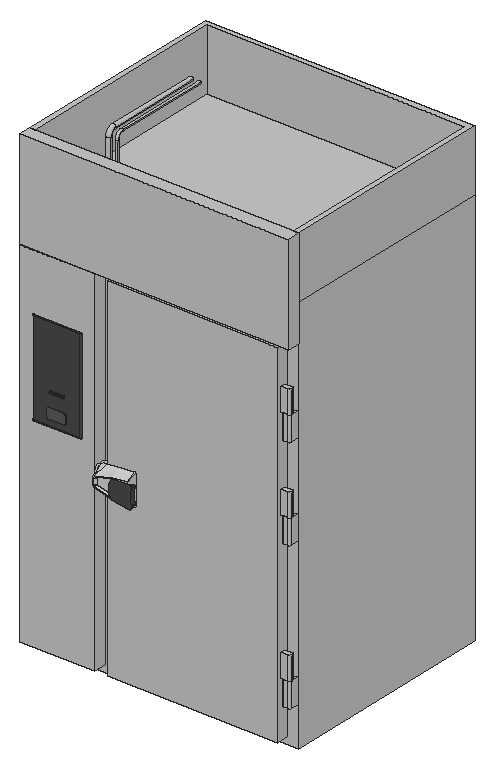
Revit family "QF_ALPENINOX_729263_ABFA22RE", category Specialty Equipment, Revit 2018
Family settings
  Round Connector Dimension = Use Radius
  Part Type = Normal
  Work Plane-Based = No
  Always vertical = Yes
  Cut with Voids When Loaded = No
  Shared = Yes
  Room Calculation Point = No
Parameters (values of type "QF_ALPENINOX_729263_ABFA22RE.rfa")
  Weight = 438.00 kg
  Watts = 209.032 W
  Volts = 380 V
  URL Manufacturer = "http://www.alpeninox.com"
  URL = "http://www.alpeninox.com"
  Steam Supply Size = 0"
  Steam Supply Minimum Pressure = 0.00 psi
  Steam Supply Maximum Pressure = 0.00 psi
  Steam Pounds per Hour = 0
  Show Logo [instance] = yes
  Refrigeration Suction Line Size = 0.03937"
  Refrigeration Liquid Line Size = 0.07218"
  Refrigerant Compressor Remote = yes
  Phase = 3
  Model = "ABFA22RE"
  Manufacturer = "Alpeninox"
  Length Actual = 1400 mm  # constant formula
  Item Number = "729263"
  Hot Water Size = 0"
  Height Actual = 2400 mm  # constant formula
  HP = "3 HP"
  Gas Size = 0"
  Gas KW = 0
  Gas Input Pressure = 0.0 Btu/h
  Description = "CRIO CHILL BLAST CHILLER FREEZER 200/170KG 20 GN 2/1 - REMOTE REFRIGERATING UNIT"
  Depth Actual = 1266 mm  # constant formula
  Cycle = 60 Hz
  Condensate Return Size = 0"
  Compressed Air Volume = 0 GPM
  Compressed Air Size = 0"
  Compressed Air Pressure = 0.00 psi
  Cold Water Size = 0"
  Assembly Code = ""
  Show Clearance [instance] = yes
  Accessory = yes
Values of the unnamed type that differ from the named types
  Watts = 0 W
  Volts = 0 V
  URL Manufacturer = ""
  Item Number = ""
  HP = ""
  Cycle = 0 Hz
Reference planes
  plane 1 "BACK": y = 1
  plane 2: z = 0
  plane 3 "LEFT": x = 0
  plane 4 "RIGHT": x = 1400
  plane 5 "FRONT": y = -1205
  plane 6 "TOP": z = 2400
  plane 7 "Center Y": x = 700
  plane 8: y = -2155
  plane 9: y = -602
Forms (mm)
  Extrusion 1, solid, material "QF_Clearance", visible <- "Show Clearance", detail levels coarse
    sketch origin (0, 0, -70) x (1, 0, 0) y (0, 1, 0)
      loop
        line (0, -1205) -> (0, 1) -> (1400, 1) -> (1400, -1205) -> (1500, -1205) -> (1500, 101) -> (-100, 101) -> (-100, -1205) -> (0, -1205)
    from 70 to 2670
  Extrusion 2, solid, material "QF_Finishes_Stainless Steel"
    sketch origin (349.253, 33, 630.991) x (-1, 0, 0) y (0, -1, 0)
      loop
        line (349.253, 1172.759) -> (349.253, 1238) -> (-39.747, 1238) -> (-39.747, 1172.759) -> (349.253, 1172.759)
    from -597 to 1254
  Extrusion 3, solid, material "QF_Finishes_Stainless Steel"
    sketch origin (596.16, 27.971, -70) x (1, 0, 0) y (0, 1, 0)
      loop
        line (743.84, -1172.971) -> (-141.16, -1172.971) -> (-141.16, -1232.971) -> (743.84, -1232.971) -> (743.84, -1172.971)
    from 103.991 to 1945.25
  Extrusion 4, solid, material "QF_Door-Drawer Clearances", visible <- "Show Clearance", detail levels coarse
    sketch origin (875, -72.029, -91.802) x (-1, 0, 0) y (0, -1, 0)
      loop
        line (-465, 2025.971) -> (-465, 1132.971) -> (420, 1132.971)
        arc (420, 1132.971) -> (153.836, 1754.227) -> (-465, 2025.971) r 920
    from 125.793 to 1967.052
  Extrusion 5, solid, material "QF_Finishes_Stainless Steel"
    sketch origin (0, -1139.759, 0) x (0, 1, 0) y (-1, 0, 0)
      loop
        line (1140.759, 0) -> (0.759, 0) -> (0.759, -1400) -> (1140.759, -1400) -> (1140.759, 0)
    from 0 to 2080
  Extrusion 6, solid, material "QF_Finishes_Stainless Steel"
    sketch origin (0, 0, -70) x (0, 1, 0) y (0, 0, 1)
      loop
        line (-1139, 2470) -> (-1205, 2470) -> (-1205, 1956) -> (-1139, 1956) -> (-1139, 2470)
    from 0 to 1400
  Extrusion 7, solid, material "QF_Finishes_Stainless Steel"
    sketch origin (0, -1139.759, 2080) x (0, 1, 0) y (-1, 0, 0)
      loop
        line (1140.759, 0) -> (0.759, 0) -> (0.759, -27.807) -> (1112.952, -27.807) -> (1112.952, -1372.193) -> (0.759, -1372.193) -> (0.759, -1400) -> (1140.759, -1400) -> (1140.759, 0)
    from 0 to 320
  Extrusion 8, solid, material "QF_Clearance", visible <- "Show Clearance", detail levels coarse
    sketch origin (0, 0, 2400) x (-1, 0, 0) y (0, -1, 0)
      loop
        line (0, 1205) -> (-1400, 1205) -> (-1400, -1) -> (0, -1) -> (0, 1205)
    from 0 to 200
  Extrusion 9, solid, material "QF_Finishes_Stainless Steel"
    sketch origin (-390.239, -0.977, 1172.559) x (1, 0, 0) y (0, 1, 0)
      loop
        line (1730.239, -1159.557) -> (1730.239, -1186.759) -> (1771.078, -1186.759)
        arc (1771.078, -1186.759) -> (1778.149, -1183.83) -> (1781.078, -1176.759) r 10
        line (1781.078, -1176.759) -> (1781.078, -1169.557)
        arc (1781.078, -1169.557) -> (1778.149, -1162.486) -> (1771.078, -1159.557) r 10
        line (1771.078, -1159.557) -> (1730.239, -1159.557)
    from 398 to 516
  Extrusion 10, solid, material "QF_Finishes_Stainless Steel"
    sketch origin (-388.989, -0.977, 1172.559) x (1, 0, 0) y (0, 1, 0)
      loop
        line (1779.828, -1138.023) -> (1738.215, -1138.023) -> (1738.215, -1176.759)
        arc (1738.215, -1176.759) -> (1741.143, -1183.83) -> (1748.215, -1186.759) r 10
        line (1748.215, -1186.759) -> (1769.828, -1186.759)
        arc (1769.828, -1186.759) -> (1776.899, -1183.83) -> (1779.828, -1176.759) r 10
        line (1779.828, -1176.759) -> (1779.828, -1138.023)
    from 269 to 396
  Extrusion 11, solid, material "QF_Finishes_Handrails and Railings"
    sketch origin (0, -1205, -139.705) x (-1, 0, 0) y (0, 0, 1)
      loop
        arc (-455, 1022.346) -> (-433.392, 1027.289) -> (-413, 1035.976) r 124.815
        arc (-413, 1035.976) -> (-402.037, 1046.425) -> (-398, 1061.023) r 28.412
        line (-398, 1061.023) -> (-398, 1124.287)
        arc (-398, 1124.287) -> (-402.037, 1138.885) -> (-413, 1149.334) r 28.412
        arc (-413, 1149.334) -> (-433.392, 1158.021) -> (-455, 1162.964) r 124.815
        line (-455, 1162.964) -> (-455, 1022.346)
    from 0 to 25
  Extrusion 12, solid, material "QF_Finishes_Stainless Steel"
    sketch origin (0, 1, -70) x (1, 0, 0) y (0, 0, 1)
      loop
        circle (50.191, 2279.706) r 10
    from -2 to 0
  Extrusion 13, solid
    sketch origin (0, 0, -70) x (1, 0, 0) y (0, 1, 0)
      loop
        circle (271, -895) r 12.7
    from 180 to 190
  Sweep 14, solid, material "QF_Finishes_Stainless Steel"
    path in 3D
      loop
        line (196, -872.727, 2090) -> (196, -872.727, 2314.785)
        arc (196, -872.727, 2314.785) -> (196, -863.94, 2335.999) -> (196, -842.727, 2344.785) r 30
        line (196, -842.727, 2344.785) -> (196, -337, 2344.785)
    profile origin (196, -589.864, 2344.785) x (-1, 0, 0) y (0, 0, 1)
      loop
        circle (0, -0.785) r 11
  Sweep 15, solid, material "QF_Finishes_Stainless Steel"
    path in 3D
      loop
        line (239, -337, 2344) -> (239, -842.727, 2344)
        arc (239, -842.727, 2344) -> (239, -863.94, 2335.213) -> (239, -872.727, 2314) r 30
        line (239, -872.727, 2314) -> (239, -872.727, 2090)
    profile origin (239, -589.864, 2344) x (1, 0, 0) y (0, 0, 1)
      loop
        circle (0, 0) r 6
  Extrusion 16, solid, material "QF_Finishes_Stainless Steel"
    sketch origin (0, -1139.759, 2080) x (0, 1, 0) y (-1, 0, 0)
      loop
        line (272.791, -163.68) -> (262.791, -163.68)
        arc (262.791, -163.68) -> (252.185, -168.074) -> (247.791, -178.68) r 15
        line (247.791, -178.68) -> (247.791, -270.358)
        arc (247.791, -270.358) -> (252.185, -280.965) -> (262.791, -285.358) r 15
        line (262.791, -285.358) -> (272.791, -285.358)
        arc (272.791, -285.358) -> (283.398, -280.965) -> (287.791, -270.358) r 15
        line (287.791, -270.358) -> (287.791, -178.68)
        arc (287.791, -178.68) -> (283.398, -168.074) -> (272.791, -163.68) r 15
    from 0 to 10
  Blend 17, solid, material "QF_Finishes_Handrails and Railings"
    base sketch origin (0, -1205, -139.705) x (1, 0, 0) y (0, 0, 1)
      loop
        arc (455, 1162.964) -> (433.392, 1158.021) -> (413, 1149.334) r 124.815
        arc (413, 1149.334) -> (402.037, 1138.885) -> (398, 1124.287) r 28.412
        line (398, 1124.287) -> (398, 1061.023)
        arc (398, 1061.023) -> (402.037, 1046.425) -> (413, 1035.976) r 28.412
        arc (413, 1035.976) -> (433.392, 1027.289) -> (455, 1022.346) r 124.815
        arc (455, 1022.346) -> (524.77, 1014.896) -> (594.859, 1011.587) r 1185.63
        arc (594.859, 1011.587) -> (600.607, 1013.879) -> (603, 1019.586) r 8
        line (603, 1019.586) -> (603, 1165.724)
        arc (603, 1165.724) -> (600.607, 1171.431) -> (594.859, 1173.723) r 8
        arc (594.859, 1173.723) -> (524.77, 1170.414) -> (455, 1162.964) r 1185.63
    top sketch origin (0, -1205, -139.705) x (1, 0, 0) y (0, 0, 1)
      loop
        line (421, 1108.337) -> (421, 1076.973)
        arc (421, 1076.973) -> (423.295, 1069.915) -> (429.302, 1065.557) r 12
        arc (429.302, 1065.557) -> (515.086, 1044.22) -> (603, 1034.974) r 636.459
        line (603, 1034.974) -> (603, 1150.336)
        arc (603, 1150.336) -> (515.086, 1141.09) -> (429.302, 1119.753) r 636.459
        arc (429.302, 1119.753) -> (423.295, 1115.395) -> (421, 1108.337) r 12
    from 0 to 50
  Blend 18, void
    base sketch origin (0, -1255, -139.705) x (-1, 0, 0) y (0, 0, 1)
      loop
        arc (-430.843, 1114.996) -> (-515.866, 1136.151) -> (-603, 1145.333) r 631.459
        line (-603, 1145.333) -> (-603, 1039.977)
        arc (-603, 1039.977) -> (-515.866, 1049.159) -> (-430.843, 1070.314) r 631.459
        arc (-430.843, 1070.314) -> (-427.339, 1072.856) -> (-426, 1076.973) r 7
        line (-426, 1076.973) -> (-426, 1108.337)
        arc (-426, 1108.337) -> (-427.339, 1112.454) -> (-430.843, 1114.996) r 7
    top sketch origin (0, -1255, -139.705) x (-1, 0, 0) y (0, 0, 1)
      loop
        arc (-432.384, 1110.24) -> (-516.647, 1131.211) -> (-603, 1140.33) r 626.459
        line (-603, 1140.33) -> (-603, 1044.98)
        arc (-603, 1044.98) -> (-516.647, 1054.099) -> (-432.384, 1075.07) r 626.459
        arc (-432.384, 1075.07) -> (-431.382, 1075.797) -> (-431, 1076.973) r 2
        line (-431, 1076.973) -> (-431, 1108.337)
        arc (-431, 1108.337) -> (-431.382, 1109.513) -> (-432.384, 1110.24) r 2
    from 0 to 10
  Blend 19, solid, material "QF_Finishes_Black"
    base sketch origin (0, -1245, -139.705) x (1, 0, 0) y (0, 0, 1)
      loop
        arc (628.567, 1043.419) -> (622.014, 1092.655) -> (628.567, 1141.89) r 188.232
        arc (628.567, 1141.89) -> (627.358, 1147.991) -> (621.77, 1150.721) r 7
        arc (621.77, 1150.721) -> (572.304, 1148.509) -> (523.16, 1142.458) r 636.459
        arc (523.16, 1142.458) -> (507.711, 1092.655) -> (523.16, 1042.852) r 88
        arc (523.16, 1042.852) -> (572.304, 1036.801) -> (621.77, 1034.589) r 636.459
        arc (621.77, 1034.589) -> (627.358, 1037.319) -> (628.567, 1043.419) r 7
    top sketch origin (0, -1245, -139.705) x (1, 0, 0) y (0, 0, 1)
      loop
        arc (626.748, 1050.703) -> (622.014, 1092.655) -> (626.748, 1134.607) r 188.232
        arc (626.748, 1134.607) -> (625.775, 1138.85) -> (621.845, 1140.722) r 5
        arc (621.845, 1140.722) -> (569.023, 1138.185) -> (516.603, 1131.203) r 626.459
        arc (516.603, 1131.203) -> (507.711, 1092.655) -> (516.603, 1054.107) r 88
        arc (516.603, 1054.107) -> (569.023, 1047.124) -> (621.845, 1044.588) r 626.459
        arc (621.845, 1044.588) -> (625.775, 1046.46) -> (626.748, 1050.703) r 5
    from 20 to 0
  Extrusion 20, solid, material "QF_Finishes_Stainless Steel"
    sketch origin (-390.239, -0.977, 692.559) x (1, 0, 0) y (0, 1, 0)
      loop
        line (1730.239, -1159.557) -> (1730.239, -1186.759) -> (1771.078, -1186.759)
        arc (1771.078, -1186.759) -> (1778.149, -1183.83) -> (1781.078, -1176.759) r 10
        line (1781.078, -1176.759) -> (1781.078, -1169.557)
        arc (1781.078, -1169.557) -> (1778.149, -1162.486) -> (1771.078, -1159.557) r 10
        line (1771.078, -1159.557) -> (1730.239, -1159.557)
    from 398 to 516
  Extrusion 21, solid, material "QF_Finishes_Stainless Steel"
    sketch origin (-388.989, -0.977, 692.559) x (1, 0, 0) y (0, 1, 0)
      loop
        line (1779.828, -1138.023) -> (1738.215, -1138.023) -> (1738.215, -1176.759)
        arc (1738.215, -1176.759) -> (1741.143, -1183.83) -> (1748.215, -1186.759) r 10
        line (1748.215, -1186.759) -> (1769.828, -1186.759)
        arc (1769.828, -1186.759) -> (1776.899, -1183.83) -> (1779.828, -1176.759) r 10
        line (1779.828, -1176.759) -> (1779.828, -1138.023)
    from 269 to 396
  Extrusion 22, solid, material "QF_Finishes_Stainless Steel"
    sketch origin (-390.239, -0.977, -67.441) x (1, 0, 0) y (0, 1, 0)
      loop
        line (1730.239, -1159.557) -> (1730.239, -1186.759) -> (1771.078, -1186.759)
        arc (1771.078, -1186.759) -> (1778.149, -1183.83) -> (1781.078, -1176.759) r 10
        line (1781.078, -1176.759) -> (1781.078, -1169.557)
        arc (1781.078, -1169.557) -> (1778.149, -1162.486) -> (1771.078, -1159.557) r 10
        line (1771.078, -1159.557) -> (1730.239, -1159.557)
    from 398 to 516
  Extrusion 23, solid, material "QF_Finishes_Stainless Steel"
    sketch origin (-388.989, -0.977, -67.441) x (1, 0, 0) y (0, 1, 0)
      loop
        line (1779.828, -1138.023) -> (1738.215, -1138.023) -> (1738.215, -1176.759)
        arc (1738.215, -1176.759) -> (1741.143, -1183.83) -> (1748.215, -1186.759) r 10
        line (1748.215, -1186.759) -> (1769.828, -1186.759)
        arc (1769.828, -1186.759) -> (1776.899, -1183.83) -> (1779.828, -1176.759) r 10
        line (1779.828, -1176.759) -> (1779.828, -1138.023)
    from 269 to 396
  Extrusion 24, solid, material "QF_Door-Drawer Clearances", visible <- "Show Clearance", detail levels coarse
    sketch origin (167.029, -1956.84, -70) x (0, 1, 0) y (-1, 0, 0)
      loop
        line (751.84, -1172.971) -> (-141.16, -1172.971) -> (-141.16, -1232.971) -> (751.84, -1232.971) -> (751.84, -1172.971)
    from 103.991 to 1945.25
  Extrusion 25, solid, material "QF_Door-Drawer Clearances", visible <- "Show Clearance", detail levels coarse
    sketch origin (1400, -2553, -139.705) x (0, -1, 0) y (0, 0, 1)
      loop
        arc (-455, 1022.346) -> (-433.392, 1027.289) -> (-413, 1035.976) r 124.815
        arc (-413, 1035.976) -> (-402.037, 1046.425) -> (-398, 1061.023) r 28.412
        line (-398, 1061.023) -> (-398, 1124.287)
        arc (-398, 1124.287) -> (-402.037, 1138.885) -> (-413, 1149.334) r 28.412
        arc (-413, 1149.334) -> (-433.392, 1158.021) -> (-455, 1162.964) r 124.815
        line (-455, 1162.964) -> (-455, 1022.346)
    from 0 to 25
  Blend 26, solid, material "QF_Door-Drawer Clearances", visible <- "Show Clearance", detail levels coarse
    base sketch origin (1400, -2553, -139.705) x (0, 1, 0) y (0, 0, 1)
      loop
        arc (455, 1162.964) -> (433.392, 1158.021) -> (413, 1149.334) r 124.815
        arc (413, 1149.334) -> (402.037, 1138.885) -> (398, 1124.287) r 28.412
        line (398, 1124.287) -> (398, 1061.023)
        arc (398, 1061.023) -> (402.037, 1046.425) -> (413, 1035.976) r 28.412
        arc (413, 1035.976) -> (433.392, 1027.289) -> (455, 1022.346) r 124.815
        arc (455, 1022.346) -> (524.77, 1014.896) -> (594.859, 1011.587) r 1185.63
        arc (594.859, 1011.587) -> (600.607, 1013.879) -> (603, 1019.586) r 8
        line (603, 1019.586) -> (603, 1165.724)
        arc (603, 1165.724) -> (600.607, 1171.431) -> (594.859, 1173.723) r 8
        arc (594.859, 1173.723) -> (524.77, 1170.414) -> (455, 1162.964) r 1185.63
    top sketch origin (1400, -2553, -139.705) x (0, 1, 0) y (0, 0, 1)
      loop
        line (421, 1108.337) -> (421, 1076.973)
        arc (421, 1076.973) -> (423.295, 1069.915) -> (429.302, 1065.557) r 12
        arc (429.302, 1065.557) -> (515.086, 1044.22) -> (603, 1034.974) r 636.459
        line (603, 1034.974) -> (603, 1150.336)
        arc (603, 1150.336) -> (515.086, 1141.09) -> (429.302, 1119.753) r 636.459
        arc (429.302, 1119.753) -> (423.295, 1115.395) -> (421, 1108.337) r 12
    from 0 to 50
  Blend 27, void
    base sketch origin (1450, -2553, -139.705) x (0, -1, 0) y (0, 0, 1)
      loop
        arc (-430.843, 1114.996) -> (-515.866, 1136.151) -> (-603, 1145.333) r 631.459
        line (-603, 1145.333) -> (-603, 1039.977)
        arc (-603, 1039.977) -> (-515.866, 1049.159) -> (-430.843, 1070.314) r 631.459
        arc (-430.843, 1070.314) -> (-427.339, 1072.856) -> (-426, 1076.973) r 7
        line (-426, 1076.973) -> (-426, 1108.337)
        arc (-426, 1108.337) -> (-427.339, 1112.454) -> (-430.843, 1114.996) r 7
    top sketch origin (1450, -2553, -139.705) x (0, -1, 0) y (0, 0, 1)
      loop
        arc (-432.384, 1110.24) -> (-516.647, 1131.211) -> (-603, 1140.33) r 626.459
        line (-603, 1140.33) -> (-603, 1044.98)
        arc (-603, 1044.98) -> (-516.647, 1054.099) -> (-432.384, 1075.07) r 626.459
        arc (-432.384, 1075.07) -> (-431.382, 1075.797) -> (-431, 1076.973) r 2
        line (-431, 1076.973) -> (-431, 1108.337)
        arc (-431, 1108.337) -> (-431.382, 1109.513) -> (-432.384, 1110.24) r 2
    from 0 to 10
  Blend 28, solid, material "QF_Door-Drawer Clearances", visible <- "Show Clearance", detail levels coarse
    base sketch origin (1440, -2553, -139.705) x (0, 1, 0) y (0, 0, 1)
      loop
        arc (628.567, 1043.419) -> (622.014, 1092.655) -> (628.567, 1141.89) r 188.232
        arc (628.567, 1141.89) -> (627.358, 1147.991) -> (621.77, 1150.721) r 7
        arc (621.77, 1150.721) -> (572.304, 1148.509) -> (523.16, 1142.458) r 636.459
        arc (523.16, 1142.458) -> (507.711, 1092.655) -> (523.16, 1042.852) r 88
        arc (523.16, 1042.852) -> (572.304, 1036.801) -> (621.77, 1034.589) r 636.459
        arc (621.77, 1034.589) -> (627.358, 1037.319) -> (628.567, 1043.419) r 7
    top sketch origin (1440, -2553, -139.705) x (0, 1, 0) y (0, 0, 1)
      loop
        arc (626.748, 1050.703) -> (622.014, 1092.655) -> (626.748, 1134.607) r 188.232
        arc (626.748, 1134.607) -> (625.775, 1138.85) -> (621.845, 1140.722) r 5
        arc (621.845, 1140.722) -> (569.023, 1138.185) -> (516.603, 1131.203) r 626.459
        arc (516.603, 1131.203) -> (507.711, 1092.655) -> (516.603, 1054.107) r 88
        arc (516.603, 1054.107) -> (569.023, 1047.124) -> (621.845, 1044.588) r 626.459
        arc (621.845, 1044.588) -> (625.775, 1046.46) -> (626.748, 1050.703) r 5
    from 20 to -1
Cuts and joins
  Blend 18 cuts Blend 17
  joined: Extrusion 11, Blend 17
  Blend 18 cuts Extrusion 4
  Blend 27 cuts Blend 26
  Blend 27 cuts Blend 28
  joined: Extrusion 4, Extrusion 24, Extrusion 25, Blend 26, Blend 28
  joined: Extrusion 7, Extrusion 12
  joined: Extrusion 5, Extrusion 10, Sweep 14, Sweep 15, Extrusion 16, Extrusion 21, Extrusion 23
  joined: Extrusion 3, Extrusion 9, Extrusion 20, Extrusion 22
  joined: Extrusion 1, Extrusion 8
Lines and regions (mm)
  symbolic lines, style "QF-Clearances", visible <- "Show Clearance", detail levels coarse
    curve 1: line (-100, -1204.241, 70) -> (-100, 101, 70)
    curve 2: line (-100, 101, 70) -> (1500, 101, 70)
    curve 3: line (1500, 101, 70) -> (1500, -1204.241, 70)
  symbolic lines
    curve 4: line (185, -336.968, 70) -> (207, -336.968, 70)
    curve 5: line (207, -336.968, 70) -> (207, -871.942, 70)
    curve 6: line (233, -872.727, 70) -> (233, -337, 70)
    curve 7: line (233, -337, 70) -> (245, -337, 70)
    curve 8: line (245, -337, 70) -> (245, -872.727, 70)
    curve 9: line (245, -851.968, 70) -> (270.358, -851.968, 70)
    curve 10: arc (285.358, -866.968, 70) -> (280.965, -856.361, 70) -> (270.358, -851.968, 70) r 15
    curve 11: line (285.358, -876.968, 70) -> (285.358, -866.968, 70)
    curve 12: arc (270.358, -891.968, 70) -> (280.965, -887.575, 70) -> (285.358, -876.968, 70) r 15
    curve 13: line (178.68, -891.968, 70) -> (270.358, -891.968, 70)
    curve 14: arc (163.68, -876.968, 70) -> (168.074, -887.575, 70) -> (178.68, -891.968, 70) r 15
    curve 15: line (163.68, -866.968, 70) -> (163.68, -876.968, 70)
    curve 16: arc (178.68, -851.968, 70) -> (168.074, -856.361, 70) -> (163.68, -866.968, 70) r 15
    curve 17: arc (207, -871.942, 70) -> (196, -882.942, 70) -> (185, -871.942, 70) r 11
    curve 18: arc (233, -872.727, 70) -> (239, -878.727, 70) -> (245, -872.727, 70) r 6
    curve 19: line (178.68, -851.968, 70) -> (185, -851.968, 70)
    curve 20: line (185, -336.968, 70) -> (185, -871.942, 70)
    curve 21: line (207, -851.968, 70) -> (233, -851.968, 70)
    curve 22: line (0, 1, 70) -> (1400, 1, 70)
    curve 23: line (0, -1205, 70) -> (0, 1, 70)
    curve 24: line (1400, -1205, 70) -> (0, -1205, 70)
    curve 25: line (1400, 1, 70) -> (1400, -1205, 70)
    curve 26: line (27.807, -26.807, 70) -> (1372.193, -26.807, 70)
    curve 27: line (27.807, -1139, 70) -> (27.807, -26.807, 70)
    curve 28: line (1400, -1139, 70) -> (0, -1139, 70)
    curve 29: line (1372.193, -26.807, 70) -> (1372.193, -1139, 70)
    curve 30: line (75.5, -1210, 70) -> (313.5, -1210, 70)
    curve 31: line (75.5, -1210, 70) -> (67.5, -1205, 70)
    curve 32: line (313.5, -1210, 70) -> (321.5, -1205, 70)
    curve 33: line (421, -1255, 70) -> (398, -1205, 70)
    curve 34: line (421, -1255, 70) -> (603, -1255, 70)
    curve 35: line (603, -1255, 70) -> (603, -1205, 70)
    curve 36: line (603, -1245, 70) -> (626.748, -1245, 70)
    curve 37: line (626.748, -1245, 70) -> (628.811, -1265, 70)
    curve 38: line (628.811, -1265, 70) -> (507.711, -1265, 70)
    curve 39: line (507.711, -1265, 70) -> (507.711, -1255, 70)
  symbolic lines, style "QF_Door-Drawer Clearances", visible <- "Show Clearance"
    curve 40: line (1450, -2132, 70) -> (1400, -2155, 70)
    curve 41: line (1450, -2132, 70) -> (1450, -1950, 70)
    curve 42: line (1450, -1950, 70) -> (1400, -1950, 70)
    curve 43: line (1439, -1950, 70) -> (1439, -1926.126, 70)
    curve 44: line (1439, -1926.126, 70) -> (1460, -1924.189, 70)
    curve 45: line (1460, -1924.189, 70) -> (1460, -2045.289, 70)
    curve 46: line (1460, -2045.289, 70) -> (1450, -2045.289, 70)
    curve 47: line (1375, -2098, 70) -> (1375, -2155, 70)
    curve 48: line (1340, -2098, 70) -> (1400, -2098, 70)
    curve 49: arc (457.796, -1255, 70) -> (739.031, -1843.801, 70) -> (1340, -2098, 70) r 920
    curve 50: line (1400, -2155, 70) -> (1375, -2155, 70)
    curve 51: line (1400, -2098, 70) -> (1400, -1205, 70)
    curve 58: line (1340, -2098, 70) -> (1340, -1205, 70)
  sketch lines
    curve 52: line (196, -842.727, 2344.785) -> (196, -337, 2344.785)
    curve 53: arc (196, -872.727, 2314.785) -> (196, -863.94, 2335.999) -> (196, -842.727, 2344.785) r 30
    curve 54: line (196, -872.727, 2090) -> (196, -872.727, 2314.785)
    curve 55: line (239, -337, 2344) -> (239, -842.727, 2344)
    curve 56: arc (239, -842.727, 2344) -> (239, -863.94, 2335.213) -> (239, -872.727, 2314) r 30
    curve 57: line (239, -872.727, 2314) -> (239, -872.727, 2090)
Dimensions and locks
  plane 5 "FRONT" to plane 1 "BACK" = 1206 mm
  plane 6 "TOP" to level = 2400 mm
  plane 4 "RIGHT" to plane 3 "LEFT" = 1400 mm
  plane 3 "LEFT" to plane 4 "RIGHT" = 1400 mm
  equal spacing: plane 3 "LEFT", plane 7 "Center Y", plane 4 "RIGHT"
  plane 1 "BACK" to plane 5 "FRONT" = 1206 mm
  aligned and locked: level to plane 2
Automatic sketch dimensions
  plane 5 "FRONT" to Extrusion 1 sketch curve = 0 mm  (x2)
  Extrusion 1 sketch curve to plane 3 "LEFT" = 0 mm
  plane 1 "BACK" to Extrusion 1 sketch curve = 0 mm
  Extrusion 1 sketch curve to plane 4 "RIGHT" = 0 mm
  Extrusion 1 sketch curve to plane 3 "LEFT" = 100 mm
  plane 4 "RIGHT" to Extrusion 1 sketch curve = 100 mm
  Extrusion 1 sketch curve to plane 1 "BACK" = 100 mm
  plane 5 "FRONT" to Extrusion 2 sketch curve = 0 mm
  Extrusion 2 sketch curve to plane 3 "LEFT" = 0 mm
  Extrusion 2 sketch curve to plane 5 "FRONT" = 65.241 mm
  plane 5 "FRONT" to Extrusion 3 sketch curve = 0 mm
  Extrusion 3 sketch curve to plane 5 "FRONT" = 60 mm
  Extrusion 3 sketch curve to plane 4 "RIGHT" = 60 mm
  plane 5 "FRONT" to Extrusion 4 sketch curve = 0 mm
  Extrusion 4 sketch curve to plane 4 "RIGHT" = 25.377 mm
  Extrusion 4 sketch curve to Extrusion 4 sketch curve = 34.623 mm
  Extrusion 4 sketch curve to plane 5 "FRONT" = 26.348 mm
  Extrusion 5 sketch curve to plane 3 "LEFT" = 0 mm
  Extrusion 5 sketch curve to plane 4 "RIGHT" = 0 mm
  plane 1 "BACK" to Extrusion 5 sketch curve = 0 mm
  Extrusion 5 sketch curve to plane 5 "FRONT" = 66 mm
  Extrusion 6 sketch curve to plane 5 "FRONT" = 0 mm
  Extrusion 6 sketch curve to plane 5 "FRONT" = 66 mm
  Extrusion 6 sketch curve to plane 6 "TOP" = 514 mm
  plane 6 "TOP" to Extrusion 6 sketch curve = 0 mm
  Extrusion 5 to Extrusion 7 sketch curve = 0 mm
  Extrusion 7 sketch curve to Extrusion 5 = 0 mm  (x4)
  Extrusion 7 sketch curve to Extrusion 5 = 27.807 mm  (x3)
  Extrusion 8 sketch curve to plane 4 "RIGHT" = 0 mm
  plane 1 "BACK" to Extrusion 8 sketch curve = 0 mm
  Extrusion 8 sketch curve to plane 3 "LEFT" = 0 mm
  plane 5 "FRONT" to Extrusion 8 sketch curve = 0 mm
  Extrusion 9 sketch curve to plane 5 "FRONT" = 17.264 mm
  Extrusion 9 sketch curve to plane 4 "RIGHT" = 60 mm
  Extrusion 9 sketch curve to plane 4 "RIGHT" = 19.161 mm
  Extrusion 9 sketch curve to Extrusion 9 sketch curve = 0 mm
  Extrusion 9 sketch curve to plane 4 "RIGHT" = 9.161 mm
  Extrusion 9 sketch curve to Extrusion 9 sketch curve = 7.202 mm
  Extrusion 10 sketch curve to plane 5 "FRONT" = 27.264 mm
  Extrusion 10 sketch curve to plane 4 "RIGHT" = 50.775 mm
  Extrusion 10 sketch curve to Extrusion 10 sketch curve = 10 mm
  Extrusion 10 sketch curve to plane 4 "RIGHT" = 19.161 mm
  Extrusion 10 sketch curve to plane 4 "RIGHT" = 9.161 mm
  Extrusion 10 sketch curve to Extrusion 10 sketch curve = 38.736 mm
  plane 7 "Center Y" to Extrusion 11 sketch curve = 228.081 mm
  Extrusion 11 sketch curve to Extrusion 11 sketch curve = 0 mm
  Extrusion 11 sketch curve to Extrusion 11 sketch curve = 16.919 mm
  Extrusion 11 sketch curve to Extrusion 11 sketch curve = 28.588 mm  (x2)
  Extrusion 11 sketch curve to Extrusion 11 sketch curve = 28.412 mm
  level to Extrusion 11 sketch curve = 882.641 mm
  Extrusion 11 sketch curve to Extrusion 11 sketch curve = 16.954 mm  (x2)
  Extrusion 11 sketch curve to Extrusion 11 sketch curve = 38.676 mm
  Extrusion 11 sketch curve to Extrusion 11 sketch curve = 63.265 mm
  Extrusion 11 sketch curve to Extrusion 11 sketch curve = 21.722 mm
  plane 3 "LEFT" to Extrusion 12 sketch curve = 50.191 mm
  Extrusion 12 sketch curve to plane 6 "TOP" = 190.294 mm
  Extrusion 13 sketch curve to plane 9 = 293 mm
  Sweep 14 sketch curve to profile plane = 0 mm
  Sweep 14 sketch curve to profile plane = 0.785 mm
  profile plane to Sweep 15 sketch curve = 0 mm
  Sweep 15 sketch curve to profile plane = 0 mm
  Extrusion 16 sketch curve to Extrusion 5 = 247.032 mm
  Extrusion 16 sketch curve to Extrusion 16 sketch curve = 15 mm  (x3)
  Extrusion 16 sketch curve to Extrusion 16 sketch curve = 10 mm  (x2)
  Extrusion 16 sketch curve to Extrusion 5 = 285.358 mm
  Extrusion 16 sketch curve to Extrusion 16 sketch curve = 91.678 mm
  Blend 17 sketch curve to Extrusion 11 = 0 mm  (x4)
  Blend 17 sketch curve to Extrusion 11 = 28.412 mm
  Blend 17 sketch curve to Blend 17 sketch curve = 123.081 mm  (x2)
  Blend 17 sketch curve to Blend 17 sketch curve = 8 mm
  Extrusion 11 to Blend 17 sketch curve = 160.712 mm  (x2)
  Blend 17 sketch curve to Blend 17 sketch curve = 19.715 mm  (x2)
  Blend 17 sketch curve to Blend 17 sketch curve = 38.676 mm
  Blend 17 sketch curve to Extrusion 11 = 23 mm
  Blend 17 sketch curve to Blend 17 sketch curve = 12 mm  (x2)
  Extrusion 11 to Blend 17 sketch curve = 148 mm
  Extrusion 11 to Blend 17 sketch curve = 170.45 mm  (x2)
  Blend 17 sketch curve to Blend 17 sketch curve = 520.701 mm  (x2)
  Blend 17 sketch curve to Blend 17 sketch curve = 41.999 mm
  Blend 17 sketch curve to Blend 17 sketch curve = 31.364 mm
  Blend 17 sketch curve to Blend 17 sketch curve = 115.362 mm
  Blend 17 to Blend 18 sketch curve = 0 mm  (x2)
  Blend 18 sketch curve to Blend 18 sketch curve = 7 mm
  Blend 18 sketch curve to Blend 18 sketch curve = 31.364 mm  (x2)
  Blend 18 sketch curve to Blend 18 sketch curve = 2 mm
  Blend 18 to Blend 19 sketch curve = 18.811 mm  (x2)
  Blend 19 sketch curve to Blend 18 = 7.289 mm  (x2)
  Blend 19 sketch curve to Blend 19 sketch curve = 188.435 mm
  Blend 19 sketch curve to Blend 19 sketch curve = 7 mm  (x2)
  Blend 19 sketch curve to Blend 19 sketch curve = 51.066 mm  (x2)
  Blend 19 sketch curve to Blend 19 sketch curve = 0 mm  (x6)
  Blend 19 sketch curve to Blend 18 = 79.84 mm
  Blend 18 to Blend 19 sketch curve = 18.874 mm  (x2)
  Blend 19 sketch curve to Blend 19 sketch curve = 188.371 mm
  Blend 19 sketch curve to Blend 19 sketch curve = 5 mm  (x2)
  Blend 19 sketch curve to Blend 19 sketch curve = 43.067 mm  (x2)
  Blend 19 sketch curve to Blend 18 = 85.603 mm
  Extrusion 20 sketch curve to plane 5 "FRONT" = 17.264 mm
  Extrusion 20 sketch curve to plane 4 "RIGHT" = 60 mm
  Extrusion 20 sketch curve to plane 4 "RIGHT" = 19.161 mm
  Extrusion 20 sketch curve to Extrusion 20 sketch curve = 0 mm
  Extrusion 20 sketch curve to plane 4 "RIGHT" = 9.161 mm
  Extrusion 20 sketch curve to Extrusion 20 sketch curve = 7.202 mm
  Extrusion 21 sketch curve to plane 5 "FRONT" = 27.264 mm
  Extrusion 21 sketch curve to plane 4 "RIGHT" = 50.775 mm
  Extrusion 21 sketch curve to Extrusion 21 sketch curve = 10 mm
  Extrusion 21 sketch curve to plane 4 "RIGHT" = 19.161 mm
  Extrusion 21 sketch curve to plane 4 "RIGHT" = 9.161 mm
  Extrusion 21 sketch curve to Extrusion 21 sketch curve = 38.736 mm
  Extrusion 22 sketch curve to plane 5 "FRONT" = 17.264 mm
  Extrusion 22 sketch curve to plane 4 "RIGHT" = 60 mm
  Extrusion 22 sketch curve to plane 4 "RIGHT" = 19.161 mm
  Extrusion 22 sketch curve to Extrusion 22 sketch curve = 0 mm
  Extrusion 22 sketch curve to plane 4 "RIGHT" = 9.161 mm
  Extrusion 22 sketch curve to Extrusion 22 sketch curve = 7.202 mm
  Extrusion 23 sketch curve to plane 5 "FRONT" = 27.264 mm
  Extrusion 23 sketch curve to plane 4 "RIGHT" = 50.775 mm
  Extrusion 23 sketch curve to Extrusion 23 sketch curve = 10 mm
  Extrusion 23 sketch curve to plane 4 "RIGHT" = 19.161 mm
  Extrusion 23 sketch curve to plane 4 "RIGHT" = 9.161 mm
  Extrusion 23 sketch curve to Extrusion 23 sketch curve = 38.736 mm
  Extrusion 24 sketch curve to plane 4 "RIGHT" = 0 mm
  plane 5 "FRONT" to Extrusion 24 sketch curve = 0 mm
  Extrusion 24 sketch curve to plane 8 = 57 mm
  Extrusion 24 sketch curve to plane 4 "RIGHT" = 60 mm
  Extrusion 25 sketch curve to plane 8 = 0 mm
  Extrusion 25 sketch curve to Extrusion 25 sketch curve = 28.412 mm  (x2)
  Extrusion 25 sketch curve to Extrusion 25 sketch curve = 28.588 mm
  Extrusion 25 sketch curve to Extrusion 25 sketch curve = 16.919 mm  (x2)
  level to Extrusion 25 sketch curve = 882.641 mm
  Extrusion 25 sketch curve to Extrusion 25 sketch curve = 16.954 mm  (x2)
  Extrusion 25 sketch curve to Extrusion 25 sketch curve = 38.676 mm
  Extrusion 25 sketch curve to Extrusion 25 sketch curve = 63.265 mm
  Extrusion 25 sketch curve to Extrusion 25 sketch curve = 21.722 mm
  Blend 26 sketch curve to Extrusion 25 = 0 mm  (x4)
  Blend 26 sketch curve to Extrusion 25 = 28.412 mm
  Blend 26 sketch curve to Blend 26 sketch curve = 123.081 mm  (x2)
  Blend 26 sketch curve to Blend 26 sketch curve = 8 mm
  Extrusion 25 to Blend 26 sketch curve = 160.712 mm  (x2)
  Blend 26 sketch curve to Blend 26 sketch curve = 19.715 mm  (x2)
  Blend 26 sketch curve to Blend 26 sketch curve = 38.676 mm
  Blend 26 sketch curve to Extrusion 25 = 23 mm
  Blend 26 sketch curve to Blend 26 sketch curve = 12 mm  (x2)
  Extrusion 25 to Blend 26 sketch curve = 148 mm
  Extrusion 25 to Blend 26 sketch curve = 170.45 mm  (x2)
  Blend 26 sketch curve to Blend 26 sketch curve = 520.701 mm  (x2)
  Blend 26 sketch curve to Blend 26 sketch curve = 41.999 mm
  Blend 26 sketch curve to Blend 26 sketch curve = 31.364 mm
  Blend 26 sketch curve to Blend 26 sketch curve = 115.362 mm
  Blend 27 sketch curve to Blend 26 = 0 mm  (x2)
  Blend 27 sketch curve to Blend 27 sketch curve = 7 mm
  Blend 27 sketch curve to Blend 27 sketch curve = 31.364 mm  (x2)
  Blend 27 sketch curve to Blend 27 sketch curve = 2 mm
  Blend 27 to Blend 28 sketch curve = 18.811 mm  (x2)
  Blend 28 sketch curve to Blend 27 = 7.289 mm  (x2)
  Blend 28 sketch curve to Blend 28 sketch curve = 188.435 mm
  Blend 28 sketch curve to Blend 28 sketch curve = 7 mm  (x2)
  Blend 28 sketch curve to Blend 28 sketch curve = 51.066 mm  (x2)
  Blend 28 sketch curve to Blend 28 sketch curve = 0 mm  (x6)
  Blend 28 sketch curve to Blend 27 = 79.84 mm
  Blend 27 to Blend 28 sketch curve = 18.874 mm  (x2)
  Blend 28 sketch curve to Blend 28 sketch curve = 188.371 mm
  Blend 28 sketch curve to Blend 28 sketch curve = 5 mm  (x2)
  Blend 28 sketch curve to Blend 28 sketch curve = 43.067 mm  (x2)
  Blend 28 sketch curve to Blend 27 = 85.603 mm
  plane 7 "Center Y" to Extrusion 2 sketch curve = 311 mm
  plane 7 "Center Y" to Extrusion 3 sketch curve = 245 mm
  plane 7 "Center Y" to Extrusion 4 sketch curve = 245 mm
  plane 3 "LEFT" to Extrusion 13 sketch curve = 271 mm
  plane 8 to curve 47 = 0 mm
  curve 42 to plane 4 "RIGHT" = 0 mm
  plane 5 "FRONT" to curve 33 = 0 mm
  curve 28 to plane 3 "LEFT" = 0 mm
  plane 1 "BACK" to curve 22 = 0 mm
  curve 50 to plane 4 "RIGHT" = 0 mm
  curve 41 to plane 8 = 23 mm
  curve 48 to plane 8 = 57 mm
  curve 48 to curve 46 = 52.711 mm
  curve 46 to curve 41 = 95.289 mm
  plane 4 "RIGHT" to curve 44 = 39 mm
  curve 43 to curve 44 = 23.874 mm
  curve 43 to curve 45 = 1.937 mm
  plane 5 "FRONT" to curve 37 = 60 mm
  plane 5 "FRONT" to curve 34 = 50 mm
  curve 37 to curve 37 = 20 mm
  plane 5 "FRONT" to curve 30 = 5 mm
  curve 49 to plane 5 "FRONT" = 26.348 mm
  plane 3 "LEFT" to curve 13 = 178.68 mm
  curve 13 to plane 9 = 289.968 mm
  curve 13 to curve 14 = 15 mm
  curve 12 to curve 11 = 15 mm
  curve 12 to curve 18 = 4.241 mm
  curve 14 to curve 17 = 5.026 mm
  curve 14 to curve 15 = 10 mm
  curve 12 to curve 11 = 10 mm
  curve 10 to curve 9 = 15 mm
  curve 16 to curve 19 = 15 mm
  plane 9 to curve 7 = 265 mm
  curve 6 to curve 5 = 0.032 mm
  plane 1 "BACK" to curve 26 = 27.807 mm
  curve 2 to plane 1 "BACK" = 100 mm
  curve 42 to curve 43 = 11 mm
  curve 45 to curve 43 = 21 mm
  plane 4 "RIGHT" to curve 2 = 100 mm
  curve 40 to curve 47 = 25 mm
  curve 49 to plane 4 "RIGHT" = 25.377 mm
  curve 29 to plane 4 "RIGHT" = 27.807 mm
  curve 47 to curve 48 = 35 mm
  plane 7 "Center Y" to curve 37 = 71.189 mm
  curve 37 to curve 36 = 2.062 mm
  curve 36 to curve 34 = 23.748 mm
  curve 39 to curve 49 = 49.915 mm
  curve 49 to curve 33 = 36.796 mm
  curve 33 to curve 30 = 107.5 mm
  curve 11 to curve 16 = 106.678 mm
  curve 12 to curve 8 = 25.358 mm
  curve 8 to curve 18 = 6 mm
  curve 6 to curve 4 = 26 mm
  curve 5 to curve 17 = 11 mm
  plane 3 "LEFT" to curve 30 = 75.5 mm
  plane 3 "LEFT" to curve 27 = 27.807 mm
  curve 1 to plane 3 "LEFT" = 100 mm
  curve 3 to plane 5 "FRONT" = 0.759 mm
  curve 1 to plane 5 "FRONT" = 0.759 mm
  curve 49 to curve 29 = 39.652 mm
  curve 17 to curve 21 = 19.974 mm
  curve 33 to curve 33 = 23 mm
  curve 32 to curve 30 = 8 mm
  curve 30 to curve 31 = 8 mm
  radius of Extrusion 12 sketch curve = 10 mm
  radius of Extrusion 13 sketch curve = 12.7 mm
  radius of Sweep 14 sketch curve = 11 mm
  radius of Sweep 15 sketch curve = 6 mm
  radius of Blend 17 sketch curve to Extrusion 11 = 0 mm  (x3)
  radius of Blend 18 sketch curve to Blend 17 = 5 mm  (x3)
  radius of Blend 18 sketch curve to Blend 17 = 10 mm  (x3)
  radius of Blend 18 to Blend 19 sketch curve = 10 mm  (x2)
  radius of Blend 19 sketch curve to Blend 18 = 0 mm  (x2)
  radius of Blend 26 sketch curve to Extrusion 25 = 0 mm  (x3)
  radius of Blend 27 sketch curve to Blend 26 = 5 mm  (x3)
  radius of Blend 27 sketch curve to Blend 26 = 10 mm  (x3)
  radius of Blend 27 to Blend 28 sketch curve = 10 mm  (x2)
  radius of Blend 28 sketch curve to Blend 27 = 0 mm  (x2)
Nested families
  nested 1: "ALP_Touch" at (194.5, -1205, 1338.103) x (1, 0, 0) z (0, -1, 0), type "ALP_Touch"
  nested 2: "ALP_Logo_XS" at (194.5, -1210, 1257.103) x (1, 0, 0) z (0, -1, 0), visible <- "Show Logo", type "ALP_Logo_XS"
Connectors
  piping at (271, -895, 110), diameter 25.4
    settings: on Extrusion 13, index 5, connector inside diameter 24", connector length 0 mm, flow factor 0, pipe flow 0 GPM, pressure drop 0.00 psi, fitting loss kfactor 0, connector angle 0.00°, fixture units 0, engagement length 0 mm, angle of deflection 0.00°, flow configuration 1, flow direction 2, fitting loss method 0, system type 16, joint type 0, gender type 0, connector reference index -1, connector utility 0, adjustable connector no, is connector primary yes, connector description "Drain"
  electrical at (50.191, 3, 2209.706), driven by "Volts"
    settings: on Extrusion 12, index 6, voltage 380 V, apparent load 0 VA, apparent load phase1 0 VA, apparent load phase2 0 VA, apparent load phase3 0 VA, power factor 1, load classification "Altro", number of poles 1, system type 30, power factor state 1, is connector primary yes, connector utility no, sub classification motor no, connector description "Electrical Connection"
  piping at (239, -337, 2344), diameter 12
    settings: on Sweep 15, index 7, connector inside diameter 24", connector length 0 mm, flow factor 0, pipe flow 0 GPM, pressure drop 0.00 psi, fitting loss kfactor 0, connector angle 0.00°, fixture units 0, engagement length 0 mm, angle of deflection 0.00°, flow configuration 1, flow direction 1, fitting loss method 0, system type 8, joint type 0, gender type 0, connector reference index -1, connector utility 0, adjustable connector no, is connector primary no, connector description "Refrigerant Outlet"
  piping at (196, -337, 2344), diameter 22
    settings: on Sweep 14, index 8, connector inside diameter 24", connector length 0 mm, flow factor 0, pipe flow 0 GPM, pressure drop 0.00 psi, fitting loss kfactor 0, connector angle 0.00°, fixture units 0, engagement length 0 mm, angle of deflection 0.00°, flow configuration 1, flow direction 1, fitting loss method 0, system type 7, joint type 0, gender type 0, connector reference index -1, connector utility 0, adjustable connector no, is connector primary no, connector description "Refrigerant Inlet"
Definition of nested family "ALP_Touch"
  Parameters
    Default Elevation = 1219.2 mm
  Reference planes
    plane 1 "Centro (Fronte/Retro)": y = 0
    plane 2: z = 0
    plane 3 "Centro (Sinistra/Destra)": x = 0
    plane 4: y = -81
  Forms (mm)
    Extrusion 1, solid
      sketch origin (0, 0, 0) x (1, 0, 0) y (0, 1, 0)
        loop
          line (-1219.2, 1219.2) -> (-1219.2, -1219.2) -> (1219.2, -1219.2) -> (1219.2, 1219.2) -> (-1219.2, 1219.2)
      from 0 to -304.8
    Extrusion 2, solid
      sketch origin (0, 0, 5) x (1, 0, 0) y (0, 1, 0)
        loop
          line (-47, -160) -> (-47, -202)
          arc (-47, -202) -> (-45.536, -205.535) -> (-42, -207) r 5
          line (-42, -207) -> (42, -207)
          arc (42, -207) -> (45.536, -205.535) -> (47, -202) r 5
          line (47, -202) -> (47, -160)
          arc (47, -160) -> (45.536, -156.465) -> (42, -155) r 5
          line (42, -155) -> (-42, -155)
          arc (-42, -155) -> (-45.536, -156.465) -> (-47, -160) r 5
      from 0 to 2
    Blend 3, solid
      base sketch origin (0, 0, 0) x (1, 0, 0) y (0, 1, 0)
        loop
          line (-127, 244) -> (-127, -244)
          arc (-127, -244) -> (-125.536, -247.536) -> (-122, -249) r 5
          line (-122, -249) -> (122, -249)
          arc (122, -249) -> (125.536, -247.536) -> (127, -244) r 5
          line (127, -244) -> (127, 244)
          arc (127, 244) -> (125.536, 247.536) -> (122, 249) r 5
          line (122, 249) -> (-122, 249)
          arc (-122, 249) -> (-125.536, 247.536) -> (-127, 244) r 5
      top sketch origin (0, 0, 0) x (1, 0, 0) y (0, 1, 0)
        loop
          line (-119, -241) -> (119, -241) -> (119, 241) -> (-119, 241) -> (-119, -241)
      from 0 to 5
  Lines and regions (mm)
    Split face 1
      outline origin (0, 0, 5) x (1, 0, 0) y (0, 1, 0)
        loop
          line (-70.506, 46.167) -> (70.506, 46.167) -> (70.506, 214.829) -> (-70.506, 214.829) -> (-70.506, 46.167)
    Split face 2
      outline origin (0, 0, 5) x (1, 0, 0) y (0, 1, 0)
        loop
          line (-47.467, 50.825) -> (47.467, 50.825) -> (47.467, 210.171) -> (-47.467, 210.171) -> (-47.467, 50.825)
    Split face 3
      outline origin (0, 0, 5) x (1, 0, 0) y (0, 1, 0)
        loop
          line (-116, 241) -> (-116, -241)
        loop
          line (116, -241) -> (116, 241)
    Split face 4
      outline origin (0, 0, 5) x (1, 0, 0) y (0, 1, 0)
        loop
          line (52.506, -63) -> (-52.506, -63)
          arc (-52.506, -63) -> (-70.506, -81) -> (-52.506, -99) r 18
          line (-52.506, -99) -> (52.506, -99)
          arc (52.506, -99) -> (70.506, -81) -> (52.506, -63) r 18
    Split face 5
      outline origin (0, 0, 5) x (1, 0, 0) y (0, 1, 0)
        loop
          arc (-52.506, -66) -> (-67.506, -81) -> (-52.506, -96) r 15
          line (-52.506, -96) -> (52.506, -96)
          arc (52.506, -96) -> (67.506, -81) -> (52.506, -66) r 15
          line (52.506, -66) -> (-52.506, -66)
  Dimensions and locks
    aligned and locked: plane 2 to Extrusion 1
    aligned and locked: level to Extrusion 1
Definition of nested family "ALP_Logo_XS"
  Parameters
    Default Elevation = 0 mm
  Reference planes
    plane 1 "Centro (Fronte/Retro)": y = 0
    plane 2: z = 0
    plane 3 "Centro (Sinistra/Destra)": x = 0
  Forms (mm)
    Extrusion 1, solid
      sketch origin (0, 0, 0) x (1, 0, 0) y (0, 1, 0)
        loop
          line (-1219.2, 1219.2) -> (-1219.2, -1219.2) -> (1219.2, -1219.2) -> (1219.2, 1219.2) -> (-1219.2, 1219.2)
      from 0 to -304.8
    Extrusion 2, solid
      sketch origin (17.793, -46.218, 0) x (-1, 0, 0) y (0, -1, 0)
        loop
          arc (56.029, -42.55) -> (55.919, -41.581) -> (55.073, -41.095) r 1.08
          line (55.073, -41.095) -> (54.045, -41.845) -> (53.618, -43.159) -> (49.653, -43.159) -> (49.224, -41.83) -> (48.183, -41.095)
          arc (48.183, -41.095) -> (47.402, -41.616) -> (47.313, -42.55) r 1.094
          line (47.313, -42.55) -> (50.109, -50.245)
          spline (50.109, -50.245) -> (50.175, -50.41) -> (50.254, -50.567) -> (50.343, -50.714) -> (50.444, -50.85) -> (50.556, -50.974) -> (50.679, -51.085) -> (50.813, -51.182) -> (50.957, -51.264) -> (51.112, -51.329) -> (51.277, -51.377) -> (51.452, -51.407) -> (51.636, -51.417)
          spline (51.636, -51.417) -> (51.814, -51.407) -> (51.984, -51.375) -> (52.146, -51.325) -> (52.3, -51.258) -> (52.445, -51.174) -> (52.58, -51.075) -> (52.705, -50.962) -> (52.819, -50.837) -> (52.923, -50.702) -> (53.015, -50.557) -> (53.095, -50.405) -> (53.163, -50.245)
          line (53.163, -50.245) -> (56.029, -42.55)
        loop
          line (53.005, -45.11) -> (50.294, -45.11) -> (51.633, -49.253) -> (53.005, -45.11)
        loop
          spline (46.282, -42.339) -> (46.273, -42.168) -> (46.248, -42.008) -> (46.207, -41.86) -> (46.149, -41.725) -> (46.077, -41.602) -> (45.989, -41.494) -> (45.886, -41.401) -> (45.77, -41.323) -> (45.64, -41.261) -> (45.496, -41.216) -> (45.339, -41.189) -> (45.17, -41.179)
          line (45.17, -41.179) -> (41.605, -41.179)
          spline (41.605, -41.179) -> (41.453, -41.189) -> (41.312, -41.216) -> (41.183, -41.26) -> (41.065, -41.318) -> (40.959, -41.389) -> (40.866, -41.471) -> (40.784, -41.563) -> (40.716, -41.664) -> (40.661, -41.77) -> (40.619, -41.882) -> (40.591, -41.997) -> (40.577, -42.113)
          spline (40.577, -42.113) -> (40.581, -42.234) -> (40.598, -42.356) -> (40.63, -42.475) -> (40.676, -42.591) -> (40.737, -42.7) -> (40.813, -42.802) -> (40.904, -42.894) -> (41.012, -42.973) -> (41.135, -43.039) -> (41.275, -43.088) -> (41.431, -43.119) -> (41.605, -43.13)
          line (41.605, -43.13) -> (44.143, -43.13) -> (44.143, -50.23)
          spline (44.143, -50.23) -> (44.152, -50.4) -> (44.18, -50.557) -> (44.224, -50.701) -> (44.284, -50.83) -> (44.359, -50.946) -> (44.448, -51.047) -> (44.55, -51.133) -> (44.663, -51.204) -> (44.787, -51.26) -> (44.921, -51.301) -> (45.064, -51.325) -> (45.214, -51.333)
          spline (45.214, -51.333) -> (45.363, -51.325) -> (45.506, -51.301) -> (45.639, -51.26) -> (45.763, -51.204) -> (45.876, -51.133) -> (45.977, -51.047) -> (46.066, -50.946) -> (46.141, -50.83) -> (46.201, -50.701) -> (46.245, -50.557) -> (46.272, -50.4) -> (46.282, -50.23)
          line (46.282, -50.23) -> (46.282, -42.339)
        loop
          spline (39.662, -42.198) -> (39.653, -42.028) -> (39.625, -41.871) -> (39.581, -41.727) -> (39.521, -41.598) -> (39.446, -41.482) -> (39.357, -41.381) -> (39.255, -41.295) -> (39.142, -41.224) -> (39.018, -41.168) -> (38.884, -41.128) -> (38.742, -41.103) -> (38.593, -41.095)
          spline (38.593, -41.095) -> (38.443, -41.103) -> (38.3, -41.128) -> (38.167, -41.168) -> (38.043, -41.224) -> (37.93, -41.295) -> (37.829, -41.381) -> (37.74, -41.482) -> (37.665, -41.598) -> (37.605, -41.727) -> (37.561, -41.871) -> (37.534, -42.028) -> (37.524, -42.198)
          line (37.524, -42.198) -> (37.524, -44.517) -> (35.94, -44.517)
          spline (35.94, -44.517) -> (35.46, -44.544) -> (34.998, -44.622) -> (34.559, -44.75) -> (34.147, -44.927) -> (33.768, -45.15) -> (33.424, -45.418) -> (33.122, -45.73) -> (32.864, -46.082) -> (32.656, -46.474) -> (32.502, -46.904) -> (32.407, -47.369) -> (32.374, -47.87)
          spline (32.374, -47.87) -> (32.406, -48.361) -> (32.499, -48.822) -> (32.65, -49.25) -> (32.855, -49.644) -> (33.11, -50) -> (33.413, -50.317) -> (33.76, -50.592) -> (34.147, -50.822) -> (34.57, -51.005) -> (35.027, -51.139) -> (35.513, -51.221) -> (36.026, -51.249)
          line (36.026, -51.249) -> (38.548, -51.249)
          spline (38.548, -51.249) -> (38.72, -51.24) -> (38.879, -51.213) -> (39.023, -51.17) -> (39.154, -51.11) -> (39.271, -51.036) -> (39.373, -50.946) -> (39.46, -50.843) -> (39.532, -50.727) -> (39.588, -50.598) -> (39.629, -50.458) -> (39.654, -50.306) -> (39.662, -50.145)
          line (39.662, -50.145) -> (39.662, -42.198)
        loop
          line (37.524, -49.381) -> (37.524, -46.382) -> (36.065, -46.382)
          spline (36.065, -46.382) -> (35.848, -46.396) -> (35.645, -46.435) -> (35.458, -46.498) -> (35.287, -46.583) -> (35.132, -46.689) -> (34.996, -46.814) -> (34.878, -46.958) -> (34.78, -47.117) -> (34.702, -47.29) -> (34.645, -47.477) -> (34.61, -47.675) -> (34.599, -47.882)
          spline (34.599, -47.882) -> (34.61, -48.09) -> (34.645, -48.288) -> (34.702, -48.474) -> (34.78, -48.648) -> (34.878, -48.807) -> (34.996, -48.95) -> (35.132, -49.075) -> (35.287, -49.181) -> (35.458, -49.266) -> (35.645, -49.329) -> (35.848, -49.368) -> (36.065, -49.381)
          line (36.065, -49.381) -> (37.524, -49.381)
        loop
          spline (23.911, -45.178) -> (23.6, -45.189) -> (23.319, -45.221) -> (23.07, -45.274) -> (22.85, -45.346) -> (22.659, -45.437) -> (22.496, -45.545) -> (22.36, -45.67) -> (22.251, -45.81) -> (22.167, -45.965) -> (22.109, -46.133) -> (22.074, -46.314) -> (22.063, -46.506)
          spline (22.063, -46.506) -> (22.102, -47.066) -> (22.218, -47.632) -> (22.407, -48.193) -> (22.666, -48.74) -> (22.993, -49.263) -> (23.383, -49.749) -> (23.833, -50.189) -> (24.34, -50.573) -> (24.901, -50.89) -> (25.513, -51.129) -> (26.173, -51.281) -> (26.876, -51.333)
          spline (26.876, -51.333) -> (27.564, -51.284) -> (28.212, -51.14) -> (28.817, -50.909) -> (29.374, -50.599) -> (29.881, -50.217) -> (30.332, -49.772) -> (30.725, -49.271) -> (31.055, -48.721) -> (31.318, -48.131) -> (31.511, -47.508) -> (31.63, -46.859) -> (31.67, -46.193)
          spline (31.67, -46.193) -> (31.629, -45.477) -> (31.508, -44.798) -> (31.31, -44.16) -> (31.039, -43.568) -> (30.698, -43.027) -> (30.291, -42.543) -> (29.821, -42.119) -> (29.292, -41.762) -> (28.707, -41.475) -> (28.07, -41.265) -> (27.385, -41.135) -> (26.653, -41.09)
          spline (26.653, -41.09) -> (26.149, -41.112) -> (25.639, -41.177) -> (25.132, -41.281) -> (24.637, -41.419) -> (24.165, -41.589) -> (23.724, -41.786) -> (23.325, -42.006) -> (22.977, -42.247) -> (22.689, -42.505) -> (22.472, -42.775) -> (22.335, -43.053) -> (22.287, -43.337)
          spline (22.287, -43.337) -> (22.293, -43.479) -> (22.313, -43.618) -> (22.346, -43.753) -> (22.392, -43.881) -> (22.451, -44) -> (22.521, -44.11) -> (22.604, -44.208) -> (22.698, -44.292) -> (22.804, -44.36) -> (22.921, -44.412) -> (23.05, -44.444) -> (23.188, -44.456)
          spline (23.188, -44.456) -> (23.413, -44.429) -> (23.628, -44.352) -> (23.84, -44.236) -> (24.057, -44.091) -> (24.285, -43.927) -> (24.531, -43.753) -> (24.801, -43.58) -> (25.102, -43.417) -> (25.441, -43.275) -> (25.824, -43.165) -> (26.258, -43.095) -> (26.75, -43.076)
          spline (26.75, -43.076) -> (27.057, -43.097) -> (27.356, -43.149) -> (27.643, -43.23) -> (27.916, -43.341) -> (28.172, -43.479) -> (28.409, -43.645) -> (28.624, -43.837) -> (28.815, -44.056) -> (28.978, -44.3) -> (29.111, -44.569) -> (29.211, -44.862) -> (29.276, -45.178)
          line (29.276, -45.178) -> (23.911, -45.178)
        loop
          line (29.332, -47.164) -> (24.402, -47.164)
          spline (24.402, -47.164) -> (24.458, -47.453) -> (24.55, -47.736) -> (24.676, -48.011) -> (24.833, -48.274) -> (25.018, -48.52) -> (25.228, -48.746) -> (25.461, -48.947) -> (25.715, -49.121) -> (25.985, -49.263) -> (26.271, -49.369) -> (26.569, -49.435) -> (26.876, -49.458)
          spline (26.876, -49.458) -> (27.172, -49.434) -> (27.462, -49.366) -> (27.743, -49.257) -> (28.013, -49.112) -> (28.266, -48.936) -> (28.501, -48.731) -> (28.714, -48.504) -> (28.902, -48.257) -> (29.061, -47.995) -> (29.188, -47.723) -> (29.279, -47.444) -> (29.332, -47.164)
        loop
          spline (20.938, -42.198) -> (20.929, -42.028) -> (20.901, -41.871) -> (20.857, -41.727) -> (20.796, -41.597) -> (20.721, -41.482) -> (20.632, -41.381) -> (20.53, -41.295) -> (20.416, -41.224) -> (20.292, -41.168) -> (20.158, -41.127) -> (20.016, -41.103) -> (19.866, -41.095)
          spline (19.866, -41.095) -> (19.716, -41.103) -> (19.574, -41.127) -> (19.441, -41.168) -> (19.317, -41.224) -> (19.204, -41.295) -> (19.102, -41.381) -> (19.013, -41.482) -> (18.938, -41.597) -> (18.878, -41.727) -> (18.834, -41.871) -> (18.806, -42.028) -> (18.797, -42.198)
          line (18.797, -42.198) -> (18.797, -47.511) -> (14.246, -41.561) -> (13.347, -41.095)
          spline (13.347, -41.095) -> (13.197, -41.103) -> (13.055, -41.127) -> (12.921, -41.168) -> (12.797, -41.224) -> (12.684, -41.295) -> (12.582, -41.381) -> (12.494, -41.482) -> (12.418, -41.597) -> (12.358, -41.727) -> (12.314, -41.871) -> (12.287, -42.028) -> (12.277, -42.198)
          line (12.277, -42.198) -> (12.277, -50.23)
          spline (12.277, -50.23) -> (12.287, -50.4) -> (12.314, -50.557) -> (12.358, -50.701) -> (12.418, -50.83) -> (12.494, -50.946) -> (12.582, -51.047) -> (12.684, -51.133) -> (12.797, -51.204) -> (12.921, -51.26) -> (13.055, -51.301) -> (13.197, -51.325) -> (13.347, -51.333)
          spline (13.347, -51.333) -> (13.497, -51.325) -> (13.639, -51.301) -> (13.773, -51.26) -> (13.897, -51.204) -> (14.011, -51.133) -> (14.113, -51.047) -> (14.202, -50.946) -> (14.277, -50.83) -> (14.337, -50.701) -> (14.381, -50.557) -> (14.408, -50.4) -> (14.418, -50.23)
          line (14.418, -50.23) -> (14.418, -44.847) -> (18.968, -50.865) -> (19.866, -51.333)
          spline (19.866, -51.333) -> (20.016, -51.325) -> (20.158, -51.301) -> (20.292, -51.26) -> (20.416, -51.204) -> (20.53, -51.133) -> (20.632, -51.047) -> (20.721, -50.946) -> (20.796, -50.83) -> (20.857, -50.701) -> (20.901, -50.557) -> (20.929, -50.4) -> (20.938, -50.23)
          line (20.938, -50.23) -> (20.938, -42.198)
        loop
          spline (10.94, -42.198) -> (10.93, -42.028) -> (10.903, -41.871) -> (10.859, -41.727) -> (10.799, -41.597) -> (10.724, -41.482) -> (10.635, -41.381) -> (10.533, -41.295) -> (10.42, -41.224) -> (10.296, -41.168) -> (10.162, -41.127) -> (10.019, -41.103) -> (9.869, -41.095)
          spline (9.869, -41.095) -> (9.719, -41.103) -> (9.577, -41.127) -> (9.443, -41.168) -> (9.319, -41.224) -> (9.206, -41.295) -> (9.105, -41.381) -> (9.016, -41.482) -> (8.941, -41.597) -> (8.881, -41.727) -> (8.837, -41.871) -> (8.81, -42.028) -> (8.8, -42.198)
          line (8.8, -42.198) -> (8.8, -50.23)
          spline (8.8, -50.23) -> (8.81, -50.4) -> (8.837, -50.557) -> (8.881, -50.701) -> (8.941, -50.83) -> (9.016, -50.946) -> (9.105, -51.047) -> (9.206, -51.133) -> (9.319, -51.204) -> (9.443, -51.26) -> (9.577, -51.301) -> (9.719, -51.325) -> (9.869, -51.333)
          spline (9.869, -51.333) -> (10.019, -51.325) -> (10.162, -51.301) -> (10.296, -51.26) -> (10.42, -51.204) -> (10.533, -51.133) -> (10.635, -51.047) -> (10.724, -50.946) -> (10.799, -50.83) -> (10.859, -50.701) -> (10.903, -50.557) -> (10.93, -50.4) -> (10.94, -50.23)
          line (10.94, -50.23) -> (10.94, -42.198)
        loop
          spline (7.462, -42.198) -> (7.452, -42.028) -> (7.425, -41.871) -> (7.381, -41.727) -> (7.321, -41.597) -> (7.246, -41.482) -> (7.157, -41.381) -> (7.055, -41.295) -> (6.942, -41.224) -> (6.818, -41.168) -> (6.685, -41.127) -> (6.542, -41.103) -> (6.393, -41.095)
          spline (6.393, -41.095) -> (6.243, -41.103) -> (6.1, -41.127) -> (5.966, -41.168) -> (5.842, -41.224) -> (5.729, -41.295) -> (5.627, -41.381) -> (5.538, -41.482) -> (5.463, -41.597) -> (5.402, -41.727) -> (5.358, -41.871) -> (5.331, -42.028) -> (5.321, -42.198)
          line (5.321, -42.198) -> (5.321, -47.511) -> (0.771, -41.561) -> (-0.128, -41.095)
          spline (-0.128, -41.095) -> (-0.278, -41.103) -> (-0.42, -41.127) -> (-0.554, -41.168) -> (-0.678, -41.224) -> (-0.791, -41.295) -> (-0.893, -41.381) -> (-0.982, -41.482) -> (-1.057, -41.597) -> (-1.117, -41.727) -> (-1.162, -41.871) -> (-1.189, -42.028) -> (-1.199, -42.198)
          line (-1.199, -42.198) -> (-1.199, -50.23)
          spline (-1.199, -50.23) -> (-1.189, -50.4) -> (-1.162, -50.557) -> (-1.117, -50.701) -> (-1.057, -50.83) -> (-0.982, -50.946) -> (-0.893, -51.047) -> (-0.791, -51.133) -> (-0.678, -51.204) -> (-0.554, -51.26) -> (-0.42, -51.301) -> (-0.278, -51.325) -> (-0.128, -51.333)
          spline (-0.128, -51.333) -> (0.022, -51.325) -> (0.164, -51.301) -> (0.298, -51.26) -> (0.422, -51.204) -> (0.536, -51.133) -> (0.637, -51.047) -> (0.726, -50.946) -> (0.801, -50.83) -> (0.861, -50.701) -> (0.905, -50.557) -> (0.932, -50.4) -> (0.942, -50.23)
          line (0.942, -50.23) -> (0.942, -44.847) -> (5.493, -50.865) -> (6.393, -51.333)
          spline (6.393, -51.333) -> (6.542, -51.325) -> (6.685, -51.301) -> (6.818, -51.26) -> (6.942, -51.204) -> (7.055, -51.133) -> (7.157, -51.047) -> (7.246, -50.946) -> (7.321, -50.83) -> (7.381, -50.701) -> (7.425, -50.557) -> (7.452, -50.4) -> (7.462, -50.23)
          line (7.462, -50.23) -> (7.462, -42.198)
        loop
          spline (-7.232, -41.01) -> (-7.943, -41.056) -> (-8.611, -41.192) -> (-9.232, -41.411) -> (-9.803, -41.709) -> (-10.321, -42.078) -> (-10.782, -42.514) -> (-11.181, -43.011) -> (-11.516, -43.564) -> (-11.783, -44.166) -> (-11.978, -44.812) -> (-12.097, -45.497) -> (-12.138, -46.214)
          spline (-12.138, -46.214) -> (-12.096, -46.919) -> (-11.974, -47.596) -> (-11.774, -48.238) -> (-11.503, -48.839) -> (-11.163, -49.393) -> (-10.76, -49.893) -> (-10.297, -50.333) -> (-9.778, -50.707) -> (-9.208, -51.008) -> (-8.591, -51.231) -> (-7.931, -51.37) -> (-7.232, -51.417)
          spline (-7.232, -51.417) -> (-6.524, -51.371) -> (-5.858, -51.236) -> (-5.238, -51.018) -> (-4.666, -50.722) -> (-4.148, -50.353) -> (-3.687, -49.918) -> (-3.286, -49.422) -> (-2.95, -48.87) -> (-2.682, -48.267) -> (-2.486, -47.62) -> (-2.366, -46.934) -> (-2.325, -46.214)
